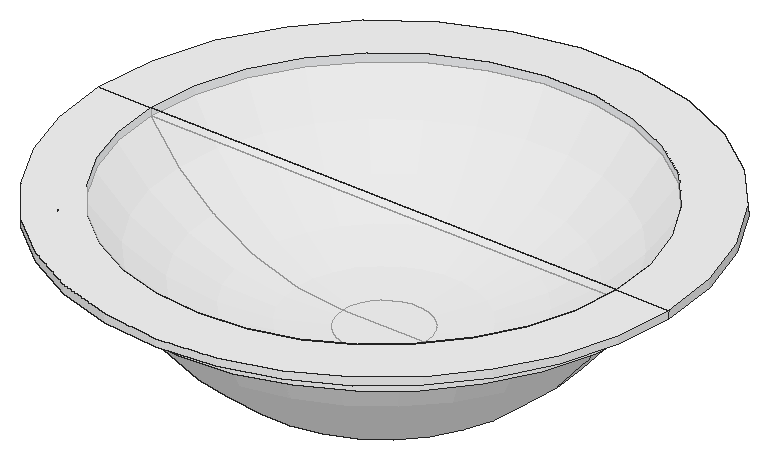
Revit family "0030328 Sylvania Lighting Fixture ST DWNLT 205 IP44 1950LM 830", category Lighting Fixtures, host Face, Revit 2016
Family settings
  Host = Face
  Part Type = Normal
  Round Connector Dimension = Use Diameter
  OmniClass Number = 23.80.70.00
  OmniClass Title = Lighting
  Cut with Voids When Loaded = No
  Light Source = Yes
  Shared = No
  Room Calculation Point = No
Parameters (values of type "0030328 ST DWNLT 205 IP44 1950LM 830")
  Weight = "kg"
  Wattage Comments = ""
  Wattage = 21 W
  WarrantyStartDate [instance] = "n/a"
  WarrantyGuarantorParts = "n/a"
  WarrantyDurationUnit = "n/a"
  WarrantyDurationParts = "n/a"
  WarrantyDescription = "n/a"
  built-in parameter 1150110 = 1 (stored number, unit not read)
  Voltage = 230 V
  URL = "http://www.sylvania-lighting.com"
  TypeName = "ST DWNLT 205 IP44 1950LM 830"
  Type Image = <None>
  Type Comments = "n/a"
  built-in parameter 1114217 = 1 (stored number, unit not read)
  Tilt Angle = -90.00°
  built-in parameter 1150109 = 1 (stored number, unit not read)
  built-in parameter 1150134 = (empty or 0)
  built-in parameter 1150113 = 1 (stored number, unit not read)
  SerialNumber [instance] = "n/a"
  S_SYL = no
  RadiusTop_SYL = if(S_SYL, 80 mm, if(M_SYL, 100 mm, if(L_SYL, 120 mm, 120 mm)))  # 120 mm
  Photometric Web File = "0030328.ies"
  Material_3_FEILO = Top-Sylvania-STARTDownlight
  PowerFactor = 0.9
  PowerConsumption = "21 W"
  NominalLength = 220 mm
  NominalHeight = 56 mm
  NominalDepth = 220 mm
  Name = "ST DWNLT 205 IP44 1950LM 830"
  ModelReference = Name  # "ST DWNLT 205 IP44 1950LM 830"
  ModelNumber = "0030328"
  Model = Name  # "ST DWNLT 205 IP44 1950LM 830"
  Material = "aluminium housing, polycarbonate diffuser"
  ManufacturerName = "Feilo Sylvania"
  Manufacturer = "Feilo Sylvania"
  M_SYL = no
  LuminousEfficacy = "93 lm/W"
  built-in parameter 1150105 = 1089.6 (stored number, unit not read)
  Lumens = 1953 lm
  LuminaireType = ""
  built-in parameter 1150115 = 1 (stored number, unit not read)
  LightOutputRatio = "100"
  built-in parameter 1150137 = (empty or 0)
  built-in parameter 1150139 = (empty or 0)
  LampsType = Lamp  # "LED"
  LampNominalLuminous = "1950 lm"
  LampMacAdamStep = "5"
  LampColourTemperature = "3000 K"
  LampColourRenderingIndex = "80"
  built-in parameter 1150112 = 1 (stored number, unit not read)
  built-in parameter 1150114 = 1 (stored number, unit not read)
  Lamp = "LED"
  L_SYL = yes
  Keynote = "16500"
  InstallationDate [instance] = "n/a"
  InputVoltage = "220-240V~"
  InputNominalFrequency = "50/60 Hz"
  built-in parameter 1150132 = (empty or 0)
  built-in parameter 1150102 = (empty or 0)
  built-in parameter 1150107 = 3000 (stored number, unit not read)
  built-in parameter 1150138 = (empty or 0)
  IngressProtection = "IP20/44"
  ImpactProtectionIndex = "IK07"
  built-in parameter 1150106 = 10.896 (stored number, unit not read)
  IfcExportType = "IfcLightFixtureType"
  IfcExportAs = "IfcLightFixtureType"
  Height_SYL = if(S_SYL, 41 mm, if(M_SYL, 47 mm, if(L_SYL, 56 mm, 62 mm)))  # 56 mm
  ExpectedLife = 50000
  Emit from Circle Diameter = Diameter_SYL - 40 mm  # 180 mm
  Emit Shape Visible in Rendering = no
  ElectricShockClassification = "Class II"
  built-in parameter 1150104 = 8.64 (stored number, unit not read)
  DurationUnit = "hours"
  DocumentationLiterature = "http://www.sylvania-lighting.com/product/en-int/products/0030328"
  DimmingControlOptions = "Non dimmable"
  Material_2_FEILO = Diffuser-Sylvania-STARTDownlight
  Dimming Lamp Color Temperature Shift = <None>
  Diameter_SYL = if(S_SYL, 164 mm, if(M_SYL, 193 mm, if(L_SYL, 220 mm, 240 mm)))  # 220 mm
  DiameterTop_SYL = if(S_SYL, 77 mm, if(M_SYL, 81 mm, if(L_SYL, 104 mm, 105 mm)))  # 104 mm
  DiameterRecess_SYL = if(S_SYL, 141 mm, if(M_SYL, 169 mm, if(L_SYL, 198 mm, 216 mm)))  # 198 mm
  Description = ""
  Default Elevation = 1219.2 mm
  CreatedOn = "8/1/2018"
  CreatedBy = "@sylvania-lighting.com"
  Cost = 0
  Color Filter = 16777215
  built-in parameter 1114216 [instance] = (empty or 0)
  ClassificationValue = "EF_70_80"
  ClassificationName = "Uniclass2015"
  Material_1_FEILO = Trim-Sylvania-STARTDownlight-White
  BarCode [instance] = "n/a"
  built-in parameter 1114218 = 1 (stored number, unit not read)
  built-in parameter 1150133 = 10 (stored number, unit not read)
  AssetType = "Fixed"
  AssetIdentifier [instance] = "n/a"
  Assembly Code = "D5020200"
  Apparent Load = 21 VA
  Material_4_FEILO = LED-Sylvania-STARTDownlight
Reference planes
  plane 1 "Center (Front/Back)": y = 0
  plane 2: z = 0
  plane 3 "Center (Left/Right)": x = 0
  plane 4: x = 110
  plane 5: x = -110
  plane 6: z = 3
  plane 7: z = -8
  plane 8: z = -51
  plane 9: z = -53
  plane 10: x = -99
  plane 11: x = 99
  plane 12: x = -52
  plane 13: x = 52
  plane 14: x = -90
  plane 15: x = 90
  plane 16: z = -85
  plane 17: x = -90
  plane 18: z = 2
  plane 19: z = -41
  plane 20: x = -16
Forms (mm)
  Revolve 1, solid
    sketch origin (0, 0, 0) x (1, 0, 0) y (0, 0, 1)
      loop
        line (-110, 3) -> (-110, 0) -> (-99, 0) -> (-99, -8) -> (-90, -8)
        arc (-90, -8) -> (-73.608, -31.805) -> (-52, -51) r 120
        line (-52, -51) -> (0, -51) -> (0, -41) -> (-16, -41)
        arc (-16, -41) -> (-58.3, -30.065) -> (-90, 0) r 87.28
        line (-90, 0) -> (-90, 3) -> (-110, 3)
      axis (0, 3) -> (0, -51)
    angle from 360 to 0
  Revolve 2, void
    sketch origin (0, 0, 0) x (1, 0, 0) y (0, 0, 1)
      loop
        line (0, 0) -> (-99, 0) -> (-99, -85) -> (0, -85) -> (0, 0)
      axis (0, 0) -> (0, -85)
    angle from 360 to 0
  Revolve 3, solid, material "Diffuser-Sylvania-STARTDownlight" <- "Material_2_FEILO"
    sketch origin (0, 0, 0) x (1, 0, 0) y (0, 0, 1)
      loop
        line (-90, 3) -> (-90, 0) -> (0, 0) -> (0, 3) -> (-90, 3)
      axis (0, 3) -> (0, 0)
    angle from 360 to 0
Dimensions and locks
  equal spacing: plane 4, plane 3 "Center (Left/Right)", plane 5
  "Diameter_SYL": plane 4 to plane 5
  equal spacing: plane 11, plane 3 "Center (Left/Right)", plane 10
  equal spacing: plane 13, plane 3 "Center (Left/Right)", plane 12
  "DiameterTop_SYL": plane 13 to plane 12
  equal spacing: plane 15, plane 3 "Center (Left/Right)", plane 14
  locked: plane 6 to plane 2 at 3
  "Height_SYL": plane 6 to plane 9
  locked: plane 8 to plane 9 at 2
  locked: plane 2 to plane 7 at 8
  locked: plane 2 to plane 16 at 85
  locked: plane 17 to plane 5 at 20
  locked: plane 6 to plane 18 at 1
  "DiameterRecess_SYL": plane 11 to plane 10
  locked: plane 19 to plane 8 at 10
  locked: plane 3 "Center (Left/Right)" to plane 20 at 16
  locked: plane 14 to plane 5 at 20
  "RadiusTop_SYL": radius of Revolve 1 sketch curve
  aligned and locked: plane 2 to host face
  aligned and locked: level to host face
  aligned and locked: Revolve 1 sketch curve to plane 5
  aligned and locked: Revolve 1 sketch curve to level
  aligned and locked: plane 7 to Revolve 1 sketch curve
  aligned and locked: Revolve 1 sketch curve to plane 10
  aligned and locked: plane 14 to Revolve 1 sketch curve
  aligned and locked: plane 3 "Center (Left/Right)" to Revolve 1 sketch curve
  aligned and locked: Revolve 1 sketch curve to plane 8
  aligned and locked: Revolve 1 sketch curve to plane 3 "Center (Left/Right)"
  aligned and locked: Revolve 2 sketch curve to plane 3 "Center (Left/Right)"
  aligned and locked: plane 3 "Center (Left/Right)" to Revolve 2 sketch curve
  aligned and locked: Revolve 2 sketch curve to plane 10
  aligned and locked: plane 16 to Revolve 2 sketch curve
  aligned and locked: Revolve 1 sketch curve to plane 6
  aligned and locked: plane 19 to Revolve 1 sketch curve
  aligned and locked: plane 20 to Revolve 1 sketch curve
  aligned and locked: Revolve 1 sketch curve to Revolve 1 sketch curve
  aligned and locked: plane 17 to Revolve 1 sketch curve
  aligned and locked: plane 2 to Revolve 1 sketch curve
  aligned and locked: Revolve 3 sketch curve to plane 3 "Center (Left/Right)"  (x2)
  aligned and locked: plane 3 "Center (Left/Right)" to imposter light
  aligned and locked: imposter light to plane 18
  aligned and locked: imposter light to plane 1 "Center (Front/Back)"
  aligned and locked: plane 14 to Revolve 3 sketch curve
Automatic sketch dimensions
  host sketch curve to host sketch curve = 2438.4 mm  (x2)
  plane 16 to Revolve 2 sketch curve = 524.6 mm
  Revolve 2 sketch curve to plane 6 = 2606.058 mm
  Revolve 1 sketch curve to plane 12 = 0 mm
  plane 16 to Revolve 1 sketch curve = 524.6 mm
  Revolve 1 sketch curve to Revolve 1 sketch curve = 2581.366 mm
  Revolve 2 sketch curve to level = 0 mm
  Revolve 3 sketch curve to plane 6 = 0 mm
  Revolve 3 sketch curve to level = 0 mm
  plane 16 to Revolve 3 sketch curve = 524.6 mm
  Revolve 3 sketch curve to Revolve 3 sketch curve = 2606.058 mm
Connectors
  electrical at (0, 0, 0), driven by "Apparent Load", driven by "PowerFactor", driven by "Voltage"
    settings: index 1, voltage 230 V, apparent load 21 VA, apparent load phase1 0 VA, apparent load phase2 0 VA, apparent load phase3 0 VA, power factor 0.9, load classification "Lighting", number of poles 1, system type 30, power factor state 1, is connector primary yes, connector utility no, sub classification motor no, connector description ""
